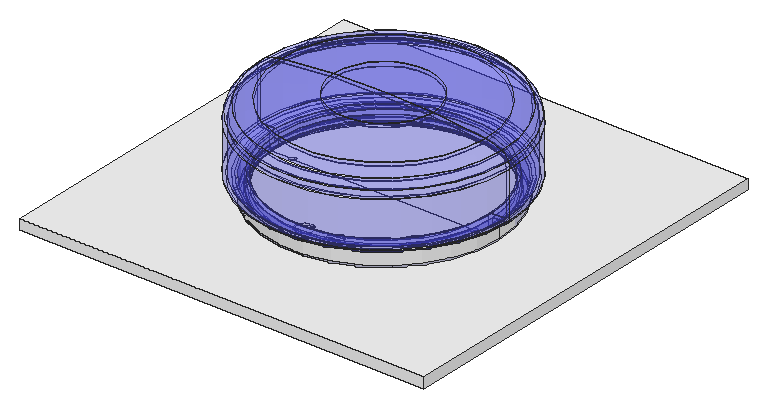
Revit family "BE_50040P_de_DE", category Leuchten, Revit 2020
Family settings
  Basisbauteil = Fläche
  Bemaßung runder Anschluss = Durchmesser verwenden
  Teiletyp = Normal
  Beim Laden mit Abzugskörper schneiden = Ja
  Lichtquelle = Ja
  Gemeinsam genutzt = Nein
  Raumberechnungspunkt = Ja
Parameters (values of type "BEGA_50040P_K3")
  built-in parameter 1150104 = 11.752 (stored number, unit not read)
  Wattage = 11.9 W
  Default Elevation = 0 mm
  built-in parameter 1150113 = 1 (stored number, unit not read)
  built-in parameter 1114218 = 1 (stored number, unit not read)
  Umgebungstemperatur = "25 °C"
  URL = "https://www.bega.com/de/produkt/50040P"
  Typenkommentare = "© 2022 BEGA. Wir behalten uns das Recht vor, technische Änderungen ohne vorherige Ankündigung vorzunehmen."  # constant formula
  built-in parameter 1150134 = (empty or 0)
  built-in parameter 1150109 = 1 (stored number, unit not read)
  Strom = ""
  built-in parameter 1150110 = 1 (stored number, unit not read)
  Spannung = 230 V
  Sonderanfertigung = no
  Seriennummer [instance] = "Hier können Sie die eindeutige Seriennummer für das Facility Management eintragen."
  Schutzklasse = "I"
  Schutzart = "IP 20"
  Scheinlast = 0 VA
  Produktdatenblatt = "http://www.bega.de/download/Xrfa/db/50040P.db.de.pdf"
  Oberflächentemperatur = ""
  Neigungswinkel = 0.00°
  Model = "50040PK2"
  Material_17 = BEGA_Reflektor
  Material_15 = BEGA_Leuchtmedium_matt
  Material_14 = BEGA_Kunststoff_opal
  Material_11 = BEGA_Glas_opal
  Material_09 = BEGA_Glas_klar
  Material_06 = BEGA_Oberfläche_Edelstahl_gebürstet
  Material_03 = BEGA_Oberfläche_Weiss_matt
  Material_02 = BEGA_Oberfläche_Silber_matt
  Material_01 [instance] = BEGA_Oberfläche_Grafit_matt
  M_W = no
  M_G = no
  M_A = no
  Logo = 0
  built-in parameter 1114217 = 1 (stored number, unit not read)
  built-in parameter 1150139 = (empty or 0)
  built-in parameter 1150105 = 354.8 (stored number, unit not read)
  built-in parameter 1150114 = 1 (stored number, unit not read)
  Lumens = 1505.35 lm
  built-in parameter 1150115 = 1 (stored number, unit not read)
  Leuchtenlichtstrom = "1230 lm"
  Leuchtenanzahl = ""
  Lebensdauerkriterien = "L70B50 @ 25 °C = 181000 h"
  Lastklassifizierung = Beleuchtung
  built-in parameter 1150112 = 1 (stored number, unit not read)
  Lampenlichtstrom = "1505 lm"
  Lamp = "LED 11.9 W"
  LED_Modulbezeichnung = "LED-0509/927"
  Hersteller = "BEGA"  # constant formula
  Halbstreuwinkel = ""
  Gewicht = "1.07 kg"
  Gebrauchslageneinschränkung [instance] = ""
  Frequenz = "50 Hz"
  Farbwiedergabeindex = "CRI > 90"
  Farbtemperaturverschiebung bei Dämpfen der Lampe = <Keine Auswahl>
  Farbtemperatur = "2700 K"
  Color Filter = 16777215
  built-in parameter 1150133 = 10 (stored number, unit not read)
  Energieeffizienzklasse = "LED A++ - A"
  built-in parameter 1150137 = (empty or 0)
  built-in parameter 1150132 = (empty or 0)
  ENEC = ""
  Dimmbar [instance] = ""
  Photometric Web File = "BE_50040PK2.IES"
  CE_Konformität = "ja"
  Bestellnummer = "50040PK2"
  Beschreibung_Sonderanfertigung = "Hier können Sie Informationen zur Sonderanfertigung eintragen."
  Beschreibung = "Decken- und Wandleuchte"
  built-in parameter 1150106 = 3.548 (stored number, unit not read)
  Befestigungsbohrung = "Ø 5,5 mm"
  Befestigungsabstand = "180 mm"
  Ballwurfsicher = ""
  BEGA_Intern_aus = yes
  BEGA_Intern_an = yes
  BEGA_Intern_Konstruktion = yes
  BEGA_Intern = yes
  BEGA_IES = yes
  BEGA_Dummy = no
  Anschlussleitung = ""
  Anschlussleistung [instance] = "17.1 W"
  Anschlusskasten = ""
  built-in parameter 1150107 = 2700 (stored number, unit not read)
  built-in parameter 1150102 = (empty or 0)
  built-in parameter 1150138 = (empty or 0)
  Aktualisierung = "2020-05-11T04:00:10"
  Abstand_zur_angestrahlten_Fläche [instance] = ""
  AC/DC = "AC"
Types (3, lengths in mm): name | built-in parameter 1150104 | built-in parameter 1150134 | Model | built-in parameter 1150105 | Lumens | Leuchtenlichtstrom | Lampenlichtstrom | LED_Modulbezeichnung | Farbtemperatur | Photometric Web File | Bestellnummer | built-in parameter 1150106 | built-in parameter 1150107
  BEGA_50040P_K3 | 12.263 (stored number, unit not read) | (empty or 0) | "50040PK3" | 125 (stored number, unit not read) | 1570.8 lm | "1411 lm" | "3395 lm" | "LED-0509/930" | "3000 K" | "BE_50040PK3.IES" | "50040PK3" | 1.25 (stored number, unit not read) | 3000 (stored number, unit not read)
  BEGA_50040P_K4 | 11.827 (stored number, unit not read) | 12 | "50040PK4" | 357.13 (stored number, unit not read) | 1514.87 lm | "1411 lm" | "1725 lm" | "LED-0509/930" | "4000 K" | "BE_50040PK4.IES" | "50040PK4" | 3.5713 (stored number, unit not read) | 4000 (stored number, unit not read)
  BEGA_50040P_K27 | 12.263 (stored number, unit not read) | (empty or 0) | "50040PK27" | 125 (stored number, unit not read) | 1570.8 lm | "1365 lm" | "1670 lm" | "LED-0509/927" | "2700 K" | "BE_50040PK27.IES" | "50040PK27" | 1.25 (stored number, unit not read) | 3000 (stored number, unit not read)
Reference planes
  plane 1 "Mitte (Vorne/Hinten)": y = 0
  plane 2: z = 0
  plane 3 "Mitte (Links/Rechts)": x = 0
  plane 4 "Links": x = -125
  plane 5 "Rechts": x = 125
  plane 6 "Unten": y = -125
  plane 7 "Oben": y = 125
  plane 8 "Vorne": z = 94.4
  plane 9 "Hinten": z = 0
Forms (mm)
  Extrusion 1, solid, material "BEGA_Platte_Weiss"
    sketch origin (0, -1119.2, 0) x (1, 0, 0) y (0, 1, 0)
      loop
        line (-200, 1319.2) -> (-200, 919.2) -> (200, 919.2) -> (200, 1319.2) -> (-200, 1319.2)
    from 0 to -10
  Extrusion 2, solid, material "BEGA_Dummy_matt", visible <- "BEGA_Dummy"
    sketch origin (77.149, -76.023, 0) x (1, 0, 0) y (0, 1, 0)
      loop
        circle (-77.149, 76.023) r 125
    from 0 to 94.4
Dimensions and locks
  plane 1 "Mitte (Vorne/Hinten)" to Extrusion 1 = 200 mm
  aligned and locked: plane 2 to Extrusion 1
  aligned and locked: level to Extrusion 1
Nested families
  nested 1: "BE_50040P" at (0, 0, 0) x (0, -1, 0) z (0, 0, 1), type "BE_50040P"
Connectors
  electrical at (0, 0, 0), driven by "Lastklassifizierung", driven by "Spannung", driven by "Scheinlast"
    settings: index 1, voltage 230 V, apparent load 0 VA, apparent load phase1 0 VA, apparent load phase2 0 VA, apparent load phase3 0 VA, power factor 1, load classification "Beleuchtung", number of poles 1, system type 31, power factor state 1, is connector primary yes, connector utility no, sub classification motor no, connector description ""
Definition of nested family "BE_50040P"
  Parameters (values of type "BE_50040P")
    Default Elevation = 1 mm
    URL = "http://www.bega.de/de/produkt"
    Type Comments = "© 2015 BEGA. Wir behalten uns das Recht vor, technische Änderungen ohne vorherige Ankündigung vorzunehmen. "  # constant formula
    Type Image = (empty or 0)
    Neigungswinkel_um_Z2 = 0.00°
    Neigungswinkel_um_Z1 = 0.00°
    Neigungswinkel_um_Y2 = 0.00°
    Neigungswinkel_um_Y1 = 0.00°
    Neigungswinkel_um_X2 = 0.00°
    Neigungswinkel_um_X1 = 0.00°
    Material_17 = none
    Material_15 = none
    Material_14 = none
    Material_11 = none
    Material_09 = none
    Material_06 = none
    Material_05 = none
    Material_03 = none
    Material_02 = none
    Material_01 = none
    M_W = yes
    M_G = yes
    M_A = yes
    Länge_Platte = 400 mm  # constant formula
    Höhe_Platte = -10 mm  # constant formula
    Manufacturer = "BEGA"  # constant formula
    Drehwinkel_um_Z2 = 0.00°
    Drehwinkel_um_Z1 = 0.00°
    Breite_Platte = 400 mm  # constant formula
  Reference planes
    plane 1 "Mitte (Oben/Unten)": y = 0
    plane 2: z = 0
    plane 3 "Mitte (Links/Rechts)": x = 0
    plane 4: y = 125
    plane 5: y = -125
    plane 6: z = 94.4
    plane 7: x = -125
    plane 8: x = 125
  Forms (mm)
    Extrusion 1, solid, detail levels medium
      sketch origin (0, 0, 0) x (1, 0, 0) y (0, 1, 0)
        loop
          line (-200, 200) -> (-200, -200) -> (200, -200) -> (200, 200) -> (-200, 200)
      from 0 to -10 <- "Höhe_Platte"
    Revolve 2, solid, material <- "Material_03", detail levels medium+fine
      sketch origin (0, 0, 0) x (0, 1, 0) y (0, 0, 1)
        loop
          line (117.5, 19.8) -> (117.5, 20.8) -> (115.331, 20.8)
          arc (115.331, 20.8) -> (114.063, 20.284) -> (113.524, 19.025) r 1.8
          line (113.524, 19.025) -> (113.276, 4.767)
          arc (113.276, 4.767) -> (112.825, 3.728) -> (111.776, 3.3) r 1.5
          line (111.776, 3.3) -> (0, 3.3) -> (0, 2.3) -> (111.776, 2.3)
          arc (111.776, 2.3) -> (113.525, 3.014) -> (114.275, 4.748) r 2.5
          line (114.275, 4.748) -> (114.524, 19.01)
          arc (114.524, 19.01) -> (114.764, 19.571) -> (115.329, 19.8) r 0.8
          line (115.329, 19.8) -> (117.5, 19.8)
        axis (0, 2.3) -> (0, 20.8)
      angle from 0 to 360
    Revolve 3, solid, material <- "Material_03", detail levels medium+fine
      sketch origin (0, 0, 0) x (0, 1, 0) y (0, 0, 1)
        loop
          arc (99.13, 1.943) -> (99.474, 2.206) -> (99.896, 2.3) r 1
          line (99.896, 2.3) -> (100.896, 3.3) -> (92.75, 3.3) -> (92.75, 0) -> (96.108, 0)
          arc (96.108, 0) -> (97.369, 0.281) -> (98.395, 1.067) r 3
          line (98.395, 1.067) -> (99.13, 1.943)
        axis (90, 3.3) -> (90, 0)
      angle from 0 to 360
    Revolve 4, solid, material <- "Material_03", detail levels medium+fine
      sketch origin (0, 0, 0) x (0, -1, 0) y (0, 0, 1)
        loop
          arc (99.13, 1.943) -> (99.474, 2.206) -> (99.896, 2.3) r 1
          line (99.896, 2.3) -> (100.896, 3.3) -> (92.75, 3.3) -> (92.75, 0) -> (96.108, 0)
          arc (96.108, 0) -> (97.369, 0.281) -> (98.395, 1.067) r 3
          line (98.395, 1.067) -> (99.13, 1.943)
        axis (90, 3.3) -> (90, 0)
      angle from 0 to 360
    Extrusion 5, void
      sketch origin (0, 0, 0) x (1, 0, 0) y (0, 1, 0)
        loop
          circle (80, 15) r 8.5
        loop
          circle (80, -15) r 8.5
        loop
          circle (0, 90) r 2.75
        loop
          circle (0, -90) r 2.75
      from 1.096 to 7.205
    Revolve 6, solid, material <- "Material_14", detail levels medium+fine
      sketch origin (0, 0, 0) x (0, 1, 0) y (0, 0, 1)
        loop
          line (107.5, 12.214) -> (107.5, 20.4) -> (122.157, 21.168)
          arc (122.157, 21.168) -> (124.176, 22.099) -> (125, 24.164) r 3
          line (125, 24.164) -> (125, 69.391)
          arc (125, 69.391) -> (124.681, 72.948) -> (123.735, 76.391) r 20
          arc (123.735, 76.391) -> (121.144, 80.63) -> (117.158, 83.582) r 13
          arc (117.158, 83.582) -> (109.272, 86.676) -> (101.03, 88.629) r 60
          arc (101.03, 88.629) -> (75.117, 91.988) -> (49.04, 93.648) r 400
          arc (49.04, 93.648) -> (24.523, 94.212) -> (0, 94.4) r 1600.011
          line (0, 94.4) -> (0, 90.6)
          arc (0, 90.6) -> (24.398, 90.414) -> (48.79, 89.854) r 1596.211
          arc (48.79, 89.854) -> (74.692, 88.212) -> (100.431, 84.877) r 396.2
          arc (100.431, 84.877) -> (108.139, 83.049) -> (115.512, 80.156) r 56.2
          arc (115.512, 80.156) -> (118.33, 78.076) -> (120.166, 75.094) r 9.2
          arc (120.166, 75.094) -> (120.94, 72.293) -> (121.2, 69.4) r 16.2
          line (121.2, 69.4) -> (121.2, 24.923) -> (106.543, 24.155)
          arc (106.543, 24.155) -> (104.524, 23.224) -> (103.7, 21.159) r 3
          line (103.7, 21.159) -> (103.7, 16.4) -> (103.7, 11.174)
          arc (103.7, 11.174) -> (104.099, 9.678) -> (105.19, 8.579) r 3.003
          line (105.19, 8.579) -> (106.963, 7.556)
          arc (106.963, 7.556) -> (108.068, 6.43) -> (108.449, 4.9) r 3.003
          line (108.449, 4.9) -> (112.25, 4.9) -> (112.25, 8.894) -> (107.997, 11.349)
          arc (107.997, 11.349) -> (107.633, 11.715) -> (107.5, 12.214) r 1.001
        axis (0, 94.4) -> (0, 4.9)
      angle from 0 to 360
  Cuts and joins
    Extrusion 5 cuts Revolve 2
    Extrusion 5 cuts Revolve 3
    Extrusion 5 cuts Revolve 4
    joined: Revolve 2, Revolve 3, Revolve 4
  Dimensions and locks
    equal spacing: Extrusion 1 sketch curve, plane 3 "Mitte (Links/Rechts)", Extrusion 1 sketch curve
    equal spacing: Extrusion 1 sketch curve, plane 1 "Mitte (Oben/Unten)", Extrusion 1 sketch curve
    "Länge_Platte": Extrusion 1 sketch curve to Extrusion 1 sketch curve
    "Breite_Platte": Extrusion 1 sketch curve to Extrusion 1 sketch curve
    aligned and locked: plane 2 to Extrusion 1
    aligned and locked: level to Extrusion 1
  Automatic sketch dimensions
    Revolve 2 sketch curve to Revolve 2 sketch curve = 0 mm  (x11)
    Revolve 2 sketch curve to plane 1 "Mitte (Oben/Unten)" = 0 mm  (x2)
    Revolve 2 sketch curve to Revolve 2 sketch curve = 1.5 mm
    Revolve 2 sketch curve to Revolve 2 sketch curve = 1 mm  (x3)
    Revolve 2 sketch curve to Revolve 2 sketch curve = 0.8 mm
    Revolve 2 sketch curve to Revolve 2 sketch curve = 0.004 mm
    Revolve 2 sketch curve to Revolve 2 sketch curve = 0.002 mm
    Revolve 2 sketch curve to Revolve 2 sketch curve = 2.169 mm
    level to Revolve 2 sketch curve = 2.3 mm
    Revolve 2 sketch curve to Revolve 2 sketch curve = 1.448 mm
    Revolve 2 sketch curve to Revolve 2 sketch curve = 0.02 mm
    Revolve 2 sketch curve to Revolve 2 sketch curve = 0.033 mm
    Revolve 2 sketch curve to Revolve 2 sketch curve = 14.252 mm
    Revolve 2 sketch curve to Revolve 2 sketch curve = 0.01 mm
    Revolve 2 sketch curve to Revolve 2 sketch curve = 0.015 mm
    Revolve 2 sketch curve to Revolve 2 sketch curve = 4 mm
    Revolve 3 sketch curve to level = 0 mm
    level to Revolve 3 sketch curve = 3.3 mm
    Revolve 3 sketch curve to Revolve 3 sketch curve = 3.351 mm
    Revolve 3 sketch curve to Revolve 3 sketch curve = 0.007 mm
    level to Revolve 3 sketch curve = 1.067 mm
    Revolve 3 sketch curve to Revolve 3 sketch curve = 2.287 mm
    level to Revolve 3 sketch curve = 2.3 mm
    Revolve 3 sketch curve to Revolve 3 sketch curve = 1.501 mm
    Revolve 3 sketch curve to Revolve 3 sketch curve = 0 mm  (x2)
    Revolve 3 sketch curve to Revolve 3 sketch curve = 1 mm  (x2)
    Revolve 3 sketch curve to Revolve 3 sketch curve = 2.75 mm
    level to Revolve 3 sketch curve = 1.943 mm
    Revolve 3 sketch curve to Revolve 3 sketch curve = 0.766 mm
    Revolve 3 sketch curve to level = 2.001 mm
    Revolve 3 sketch curve to Revolve 3 sketch curve = 2 mm
    Revolve 4 sketch curve to level = 0 mm
    Revolve 4 sketch curve to level = 3.3 mm
    Revolve 4 sketch curve to Revolve 4 sketch curve = 3.351 mm
    Revolve 4 sketch curve to Revolve 4 sketch curve = 0.007 mm
    Revolve 4 sketch curve to level = 1.067 mm
    Revolve 4 sketch curve to Revolve 4 sketch curve = 2.287 mm
    Revolve 4 sketch curve to level = 2.3 mm
    Revolve 4 sketch curve to Revolve 4 sketch curve = 1.501 mm
    Revolve 4 sketch curve to Revolve 4 sketch curve = 0 mm  (x2)
    Revolve 4 sketch curve to Revolve 4 sketch curve = 1 mm  (x2)
    Revolve 4 sketch curve to Revolve 4 sketch curve = 2.75 mm
    Revolve 4 sketch curve to level = 1.943 mm
    Revolve 4 sketch curve to Revolve 4 sketch curve = 0.766 mm
    level to Revolve 4 sketch curve = 2.001 mm
    Revolve 4 sketch curve to Revolve 4 sketch curve = 2 mm
    Revolve 6 sketch curve to Revolve 6 sketch curve = 1.49 mm
    Revolve 6 sketch curve to Revolve 6 sketch curve = 0.257 mm
    Revolve 6 sketch curve to Revolve 6 sketch curve = 1.513 mm
    level to Revolve 6 sketch curve = 7.556 mm
    Revolve 6 sketch curve to Revolve 6 sketch curve = 1.773 mm
    Revolve 6 sketch curve to Revolve 6 sketch curve = 3.8 mm  (x2)
    Revolve 6 sketch curve to Revolve 6 sketch curve = 0.497 mm
    Revolve 6 sketch curve to Revolve 6 sketch curve = 3.002 mm
    Revolve 6 sketch curve to Revolve 6 sketch curve = 0.504 mm
    Revolve 6 sketch curve to Revolve 6 sketch curve = 3.801 mm
    Revolve 6 sketch curve to Revolve 6 sketch curve = 2.592 mm
    Revolve 6 sketch curve to Revolve 6 sketch curve = 1.024 mm
    Revolve 6 sketch curve to Revolve 6 sketch curve = 3.994 mm
    Revolve 6 sketch curve to Revolve 6 sketch curve = 2.594 mm
    Revolve 6 sketch curve to Revolve 6 sketch curve = 0.176 mm
    Revolve 6 sketch curve to Revolve 6 sketch curve = 0.865 mm
    Revolve 6 sketch curve to Revolve 6 sketch curve = 4.186 mm
    Revolve 6 sketch curve to Revolve 6 sketch curve = 0 mm  (x24)
    Revolve 6 sketch curve to Revolve 6 sketch curve = 4.759 mm
    level to Revolve 6 sketch curve = 40.4 mm
    Revolve 2 sketch curve to plane 1 "Mitte (Oben/Unten)" = 111.776 mm
    Revolve 2 sketch curve to Revolve 2 sketch curve = 0.249 mm
    Revolve 3 sketch curve to plane 1 "Mitte (Oben/Unten)" = 92.75 mm
    Revolve 4 sketch curve to plane 1 "Mitte (Oben/Unten)" = 92.75 mm
    Extrusion 5 sketch curve to plane 3 "Mitte (Links/Rechts)" = 0 mm  (x2)
    plane 1 "Mitte (Oben/Unten)" to Extrusion 5 sketch curve = 15 mm
    Extrusion 5 sketch curve to plane 1 "Mitte (Oben/Unten)" = 15 mm
    Extrusion 5 sketch curve to Extrusion 5 sketch curve = 0 mm
    Revolve 6 sketch curve to Revolve 6 sketch curve = 0.157 mm  (x2)
    Revolve 6 sketch curve to Revolve 6 sketch curve = 16.2 mm
    Revolve 6 sketch curve to Revolve 6 sketch curve = 6.557 mm
    Revolve 6 sketch curve to Revolve 6 sketch curve = 0.009 mm  (x3)
    Revolve 6 sketch curve to Revolve 6 sketch curve = 2.45 mm
    Revolve 6 sketch curve to Revolve 6 sketch curve = 3.955 mm
    Revolve 6 sketch curve to Revolve 6 sketch curve = 1.645 mm
    Revolve 6 sketch curve to Revolve 6 sketch curve = 1.034 mm
    Revolve 6 sketch curve to Revolve 6 sketch curve = 45.227 mm
    Revolve 6 sketch curve to Revolve 6 sketch curve = 12.348 mm
    Revolve 6 sketch curve to Revolve 6 sketch curve = 8.256 mm
    Revolve 6 sketch curve to Revolve 6 sketch curve = 15.081 mm
    Revolve 6 sketch curve to plane 1 "Mitte (Oben/Unten)" = 36.68 mm
    Revolve 6 sketch curve to level = 306.161 mm
    plane 1 "Mitte (Oben/Unten)" to Revolve 6 sketch curve = 0 mm  (x2)
    Revolve 6 sketch curve to Revolve 6 sketch curve = 1199.45 mm
    Revolve 6 sketch curve to plane 1 "Mitte (Oben/Unten)" = 0 mm  (x2)
    Revolve 6 sketch curve to Revolve 6 sketch curve = 33.648 mm
    Revolve 6 sketch curve to Revolve 6 sketch curve = 20 mm
    Revolve 6 sketch curve to Revolve 6 sketch curve = 0.8 mm  (x2)
    Revolve 6 sketch curve to Revolve 6 sketch curve = 0.759 mm  (x2)
    Extrusion 5 sketch curve to plane 1 "Mitte (Oben/Unten)" = 90 mm
    Revolve 6 sketch curve to plane 1 "Mitte (Oben/Unten)" = 91.352 mm
    Revolve 6 sketch curve to Revolve 6 sketch curve = 13.648 mm
    Revolve 6 sketch curve to Revolve 6 sketch curve = 0.25 mm
    plane 1 "Mitte (Oben/Unten)" to Extrusion 5 sketch curve = 90 mm
    Revolve 6 sketch curve to Revolve 6 sketch curve = 3.764 mm
    Revolve 6 sketch curve to Revolve 6 sketch curve = 50.2 mm
    Revolve 6 sketch curve to plane 1 "Mitte (Oben/Unten)" = 48.79 mm
    Revolve 6 sketch curve to Revolve 6 sketch curve = 0.599 mm
    Revolve 6 sketch curve to Revolve 6 sketch curve = 0.2 mm
    plane 3 "Mitte (Links/Rechts)" to Extrusion 5 sketch curve = 80 mm
    radius of Extrusion 5 sketch curve = 8.5 mm  (x2)
    radius of Extrusion 5 sketch curve = 2.75 mm  (x2)
